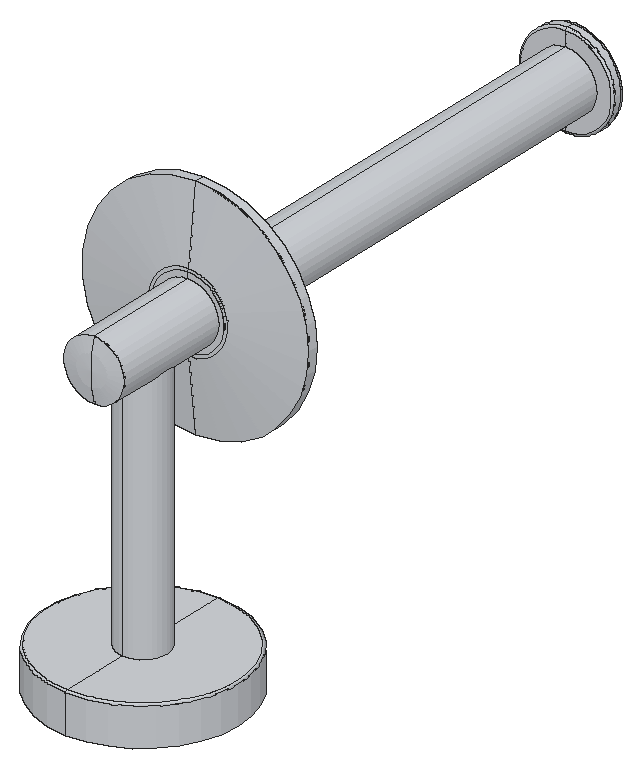
Revit family "Accessory-Tissue_Holder-KOHLER-Elate-K-27293", category Specialty Equipment, host Face, Revit 2015
Parameters (values of type "CP-Polished Chrome")
  Width = 3 9/16"  # constant formula
  WaterSense Certified = 1 = 0  # no
  URL = "https://www.us.kohler.com/us/"
  Type = 1
  Product Page URL = "http://www.us.kohler.com/us/catalog/productDetails.jsp?productNumber=27293"
  Product Name = "Elate"  # constant formula
  Product Documentation Link = "https://www.us.kohler.com/webassets/kpna/catalog/pdf/en/K-27293_spec.pdf"
  Model = if(Type = 1, "K-27293-CP", if(Type = 2, "K-27293-BN", "NA"))  # "K-27293-CP"
  Material = "Premium Metal Construction"  # constant formula
  MasterFormat 2004 = "10.28.13"  # constant formula
  MasterFormat 1995 = "10820"  # constant formula
  Manufacturer Address = "444 Highland Dr, Kohler, WI 53044"  # constant formula
  Manufacturer = "KOHLER Co."  # constant formula
  Length = 2"  # constant formula
  Height = 6 5/16"  # constant formula
  Finish = Kohler-Metal-CP-Polished_Chrome
  Environmental Product Declaration = ""
  Description = "Vertical toilet tissue holder"  # constant formula
  Default Elevation = 42"
  Declare Label = ""
  Date Modified = "02/04/2019"  # constant formula
  Date Created = "02/04/2019"  # constant formula
  Copyright = "Copyright KOHLER Co."  # constant formula
  Contact Us = "https://www.us.kohler.com/us/static/contact.jsp"
  Assembly Code = "C1030200"
  ADA Compliant = 1 = 0  # no
Types (3): name | Type | Model | Finish
  (no name) | 1 | "K-27293-CP" | Kohler-Metal-CP-Polished_Chrome
  CP-Polished Chrome | 1 | "K-27293-CP" | Kohler-Metal-CP-Polished_Chrome
  BN-Vibrant Brushed Nickel | 2 | "K-27293-BN" | Kohler-Metal-BN-Vibrant_Brushed_Nickel
Reference planes (in)
  plane 1 "Center (Front/Back)": y = 0
  plane 2: z = 0
  plane 3 "Center (Left/Right)": x = 0
  plane 4: x = -1
  plane 5: x = 1
  plane 6: y = 1
  plane 7: y = -1
  plane 8: z = 3.5625
  plane 9: y = -0.66897
  plane 10: y = 5.64353
  plane 11: z = 4.42864
  plane 12: z = 3.24754
Dimensions and locks (in)
  "Length": plane 4 to plane 5
  locked: plane 6 to plane 7 at 2
  "Width": plane 8 to plane 2
  "Height": plane 9 to plane 10
  level to plane 12 = 3.24754"
  aligned and locked: host face to plane 2
  aligned and locked: host face to level
Automatic sketch dimensions
  host sketch curve to host sketch curve = 96"  (x2)
Nested families (in)
  nested 1: "K-27293" at (0, 0, 0), type "K-27293"
Definition of nested family "K-27293"
  Parameters (values of type "K-27293")
    Material = none
  Reference planes (in)
    plane 1 "Center (Front/Back)": y = 0
    plane 2: z = 0
    plane 3 "Center (Left/Right)": x = 0
    plane 4: x = -1
    plane 5: x = 1
    plane 6: y = 1
    plane 7: y = -1
    plane 8: z = 3.5625
    plane 9: y = -0.66897
    plane 10: y = 5.64353
  Forms (in)
    Revolve 1, solid, material <- "Material", detail levels medium+fine
      sketch origin (0, 0, 0) x (0, 1, 0) y (0, 0, 1)
        loop
          arc (5.64353, 3.24754) -> (5.64068, 3.48388) -> (5.63211, 3.72009) r 9.78104
          arc (5.63211, 3.72009) -> (5.62575, 3.73399) -> (5.61156, 3.73967) r 0.02058
          line (5.61156, 3.73967) -> (5.53196, 3.73967)
          arc (5.53196, 3.73967) -> (5.51771, 3.73377) -> (5.51181, 3.71952) r 0.02015
          line (5.51181, 3.71952) -> (5.51181, 3.5625) -> (0.7874, 3.5625) -> (0.7874, 4.42864) -> (0.68897, 4.42864) -> (0.59259, 3.65758)
          arc (0.59259, 3.65758) -> (0.59106, 3.64121) -> (0.59055, 3.62478) r 0.26445
          line (0.59055, 3.62478) -> (0.59055, 3.5625) -> (-0.63277, 3.5625)
          arc (-0.63277, 3.5625) -> (-0.65989, 3.40606) -> (-0.66897, 3.24754) r 1.38852
          line (-0.66897, 3.24754) -> (5.64353, 3.24754)
        axis (5.64353, 3.24754) -> (-0.66897, 3.24754)
      angle from 0 to 360
    Revolve 2, solid, material <- "Material", detail levels medium+fine
      sketch origin (0, 0, 0) x (0, 1, 0) y (0, 0, 1)
        loop
          line (0, 0) -> (0, 3.25) -> (-0.2559, 3.25) -> (-0.2559, 0.41339) -> (-0.98026, 0.41339)
          arc (-0.98026, 0.41339) -> (-0.99422, 0.4076) -> (-1, 0.39364) r 0.01974
          line (-1, 0.39364) -> (-1, 0) -> (0, 0)
        axis (0, 3.25) -> (0, 0)
      angle from 0 to 360
    Revolve 3, solid, material <- "Material", detail levels coarse
      sketch origin (0, 0, 0) x (0, 1, 0) y (0, 0, 1)
        loop
          line (-0.66897, 3.24754) -> (5.64353, 3.24754) -> (5.64353, 3.84162) -> (5.39353, 3.84162) -> (5.39353, 3.5625) -> (0.7874, 3.5625) -> (0.7874, 4.42864) -> (0.44426, 4.42864) -> (0.44426, 3.5625) -> (-0.66897, 3.5625) -> (-0.66897, 3.24754)
        axis (5.64353, 3.24754) -> (-0.66897, 3.24754)
      angle from 0 to 360
    Revolve 4, solid, material <- "Material", detail levels coarse
      sketch origin (0, 0, 0) x (0, 1, 0) y (0, 0, 1)
        loop
          line (0, 0) -> (0, 3.21037) -> (-0.2559, 3.21037) -> (-0.2559, 0.58693) -> (-1, 0.58693) -> (-1, 0) -> (0, 0)
        axis (0, 3.21037) -> (0, 0)
      angle from 0 to 360
  Cuts and joins
    joined: Revolve 1, Revolve 2
    joined: Revolve 3, Revolve 4
  Lines and regions (in)
    Masking region 1
      outline origin (0, 0, 0) x (1, 0, 0) y (0, 0, 1)
        loop
          arc (0.25591, 2.09449) -> (1.17407, 3.37626) -> (0, 4.42864) r 1.1811
          arc (0, 4.42864) -> (-1.17407, 3.37626) -> (-0.25591, 2.09449) r 1.1811
          line (-0.25591, 2.09449) -> (-0.25591, 0.41339) -> (-0.9788, 0.41339)
          arc (-0.9788, 0.41339) -> (-0.99379, 0.40718) -> (-1, 0.39218) r 0.0212
          line (-1, 0.39218) -> (-1, 0) -> (1, 0) -> (1, 0.39235)
          arc (1, 0.39235) -> (0.99384, 0.40722) -> (0.97896, 0.41339) r 0.02104
          line (0.97896, 0.41339) -> (0.25591, 0.41339) -> (0.25591, 2.09449)
    Masking region 2
      outline origin (0, 0, 0) x (0, 1, 0) y (0, 0, 1)
        loop
          arc (-0.63277, 3.5625) -> (-0.65989, 3.40606) -> (-0.66897, 3.24754) r 1.38852
          arc (-0.66897, 3.24754) -> (-0.65989, 3.08902) -> (-0.63277, 2.93258) r 1.38852
          line (-0.63277, 2.93258) -> (-0.2559, 2.93258) -> (-0.2559, 0.41339) -> (-0.97918, 0.41339)
          arc (-0.97918, 0.41339) -> (-0.9939, 0.40729) -> (-1, 0.39256) r 0.02082
          line (-1, 0.39256) -> (-1, 0) -> (1, 0) -> (1, 0.39363)
          arc (1, 0.39363) -> (0.99421, 0.4076) -> (0.98024, 0.41339) r 0.01976
          line (0.98024, 0.41339) -> (0.2559, 0.41339) -> (0.2559, 2.93258) -> (0.59055, 2.93258) -> (0.59055, 2.8703)
          arc (0.59055, 2.8703) -> (0.59106, 2.85387) -> (0.59259, 2.8375) r 0.26445
          line (0.59259, 2.8375) -> (0.68897, 2.06644) -> (0.7874, 2.06644) -> (0.7874, 2.93258) -> (5.51181, 2.93258) -> (5.51181, 2.77556)
          arc (5.51181, 2.77556) -> (5.51771, 2.76131) -> (5.53196, 2.75541) r 0.02015
          line (5.53196, 2.75541) -> (5.61156, 2.75541)
          arc (5.61156, 2.75541) -> (5.62575, 2.76109) -> (5.63211, 2.77499) r 0.02058
          arc (5.63211, 2.77499) -> (5.64068, 3.0112) -> (5.64353, 3.24754) r 9.78104
          arc (5.64353, 3.24754) -> (5.64068, 3.48388) -> (5.63211, 3.72009) r 9.78104
          arc (5.63211, 3.72009) -> (5.62575, 3.73399) -> (5.61156, 3.73967) r 0.02058
          line (5.61156, 3.73967) -> (5.53196, 3.73967)
          arc (5.53196, 3.73967) -> (5.51771, 3.73377) -> (5.51181, 3.71952) r 0.02015
          line (5.51181, 3.71952) -> (5.51181, 3.5625) -> (0.7874, 3.5625) -> (0.7874, 4.42864) -> (0.68897, 4.42864) -> (0.59259, 3.65758)
          arc (0.59259, 3.65758) -> (0.59106, 3.64121) -> (0.59055, 3.62478) r 0.26445
          line (0.59055, 3.62478) -> (0.59055, 3.5625) -> (-0.63277, 3.5625)
    Masking region 3
      outline origin (0, 0, 0) x (1, 0, 0) y (0, 1, 0)
        loop
          arc (0.61644, 0.7874) -> (0.47267, 0.88124) -> (0.31496, 0.9491) r 1
          line (0.31496, 0.9491) -> (0.31496, 5.51181) -> (0.47198, 5.51181)
          arc (0.47198, 5.51181) -> (0.48623, 5.51771) -> (0.49213, 5.53196) r 0.02015
          line (0.49213, 5.53196) -> (0.49213, 5.61156)
          arc (0.49213, 5.61156) -> (0.48645, 5.62575) -> (0.47255, 5.63211) r 0.02058
          arc (0.47255, 5.63211) -> (0.23634, 5.64068) -> (0, 5.64353) r 9.78104
          arc (0, 5.64353) -> (-0.23634, 5.64068) -> (-0.47255, 5.63211) r 9.78104
          arc (-0.47255, 5.63211) -> (-0.48645, 5.62575) -> (-0.49213, 5.61156) r 0.02058
          line (-0.49213, 5.61156) -> (-0.49213, 5.53196)
          arc (-0.49213, 5.53196) -> (-0.48623, 5.51771) -> (-0.47198, 5.51181) r 0.02015
          line (-0.47198, 5.51181) -> (-0.31496, 5.51181) -> (-0.31496, 0.9491)
          arc (-0.31496, 0.9491) -> (-0.47267, 0.88124) -> (-0.61644, 0.7874) r 1
          line (-0.61644, 0.7874) -> (-1.1811, 0.7874) -> (-1.1811, 0.68897) -> (-0.77034, 0.63763)
          arc (-0.77034, 0.63763) -> (-0.94084, 0.33886) -> (-1, 0) r 1
          arc (-1, 0) -> (-0.70711, -0.70711) -> (0, -1) r 1
          arc (0, -1) -> (0.70711, -0.70711) -> (1, 0) r 1
          arc (1, 0) -> (0.94084, 0.33886) -> (0.77034, 0.63763) r 1
          line (0.77034, 0.63763) -> (1.1811, 0.68897) -> (1.1811, 0.7874) -> (0.61644, 0.7874)
    symbolic lines, detail levels medium+fine
      curve 1: line (0.25591, 0, 0.41339) -> (-0.2559, 0, 0.41339)
      curve 2: arc (0.25591, 0, 2.09449) -> (0, 0, 2.06644) -> (-0.25591, 0, 2.09449) r 1.1811
      curve 3: circle (0, 0, 3.24754) r 0.49192 normal (0, -1, 0)
      curve 4: line (0, 0.2559, 0.41339) -> (0, -0.2559, 0.41339)
      curve 5: arc (0, 0.13033, 3.02587) -> (0, 0.06806, 3.05512) -> (0, 0, 3.06515) r 0.23582
      curve 6: arc (0, 0.2559, 2.93258) -> (0, 0.19436, 2.9809) -> (0, 0.13033, 3.02587) r 1.46621
      curve 7: arc (0, -0.13033, 3.02587) -> (0, -0.06806, 3.05512) -> (0, 0, 3.06515) r 0.23582
      curve 8: arc (0, -0.2559, 2.93258) -> (0, -0.19436, 2.9809) -> (0, -0.13033, 3.02587) r 1.46621
      curve 9: line (0, 0.59055, 3.5625) -> (0, 0.59055, 2.93258)
      curve 10: line (0, -0.63277, 3.5625) -> (0, -0.63277, 2.93258)
      curve 11: line (0, 0.68897, 4.42864) -> (0, 0.68897, 2.06644)
      curve 12: line (0, 0.7874, 3.5625) -> (0, 0.7874, 2.93258)
      curve 13: line (0, 5.51181, 3.5625) -> (0, 5.51181, 2.93258)
      curve 14: line (-0.61644, 0.7874, 0) -> (0.61644, 0.7874, 0)
      curve 15: line (-1.1811, 0.68897, 0) -> (1.1811, 0.68897, 0)
      curve 16: line (-0.42821, 0.59487, 0) -> (-0.77034, 0.63763, 0)
      curve 17: line (-0.31496, -0.63277, 0) -> (-0.31496, 0.59055, 0)
      curve 18: line (-0.31496, 0.59055, 0) -> (-0.35892, 0.59055, 0)
      curve 19: arc (-0.35892, 0.59055, 0) -> (-0.39363, 0.59163, 0) -> (-0.42821, 0.59487, 0) r 0.55871
      curve 20: line (0.42821, 0.59487, 0) -> (0.77034, 0.63763, 0)
      curve 21: line (0.31496, -0.63277, 0) -> (0.31496, 0.59055, 0)
      curve 22: line (0.31496, 0.59055, 0) -> (0.35892, 0.59055, 0)
      curve 23: arc (0.35892, 0.59055, 0) -> (0.39363, 0.59163, 0) -> (0.42821, 0.59487, 0) r 0.55871
      curve 24: line (-0.31496, -0.63277, 0) -> (0.31496, -0.63277, 0)
      curve 25: arc (-0.31496, -0.63277, 0) -> (0, -0.66897, 0) -> (0.31496, -0.63277, 0) r 1.38852
      curve 26: line (-0.31496, 0.59055, 0) -> (0.31496, 0.59055, 0)
      curve 27: line (-0.31496, 0.9491, 0) -> (-0.31496, 0.7874, 0)
      curve 28: line (0.31496, 0.9491, 0) -> (0.31496, 0.7874, 0)
      curve 29: line (-0.31496, 5.51181, 0) -> (0.31496, 5.51181, 0)
  Dimensions and locks (in)
    locked: plane 4 to plane 5 at 2
    locked: plane 7 to plane 6 at 2
    locked: plane 8 to plane 2 at 3.5625
    locked: plane 10 to plane 9 at 6.3125
    aligned and locked: plane 2 to level
